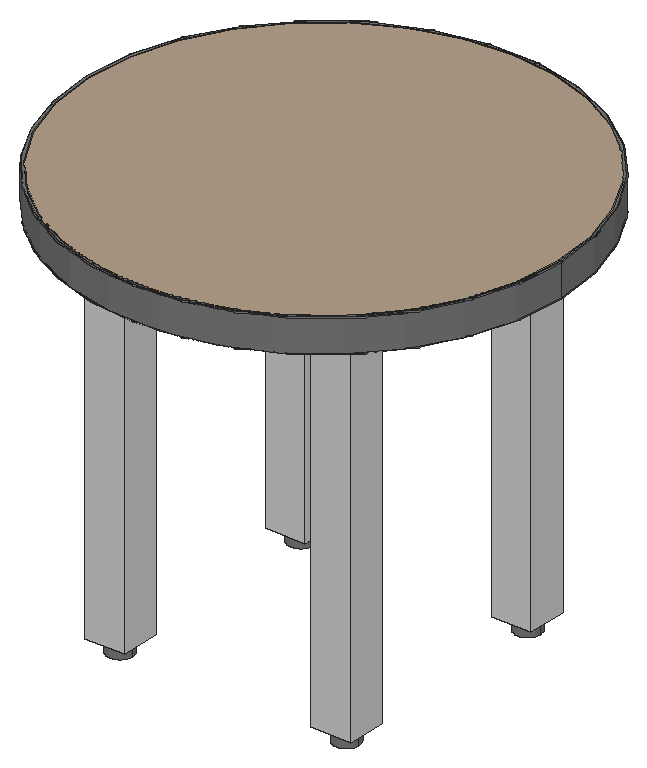
Revit family "SeatingInc-Round_Table", category Furniture, Revit 2014
Parameters (values of type "See Type Catolog")
  URL = "http://www.seatinginc.com"
  Type Comments = "Table Round"  # constant formula
  Table Top = STI - Maple
  Model = "MS18R"
  Manufacturer = "seating inc."  # constant formula
  Leg Offset = if(Diameter = 18", 3 249/256", if(Diameter = 24", 4 209/256", if(Diameter = 30", 5 175/256", if(Diameter = 36", 6 149/256", 7 127/256"))))  # 3 249/256"
  Leg = STI - Metal
  Keynote = "12500"
  Height = 16"
  Half Dia = Diameter / 2  # 9"
  Glide = STI - Black
  Edge Band = STI - Black
  Diameter = 18"
  Description = "Round Table 18\"D 16\"H"
  Assembly Code = "E2020200"
Reference planes (in)
  plane 1 "Center (Front/Back)": y = 0
  plane 2: z = 0
  plane 3 "Center (Left/Right)": x = -3
  plane 4: y = 9
  plane 5: y = -9
  plane 6: x = -12
  plane 7: x = 6
  plane 8: z = 16
  plane 9: y = 8.88189
  plane 10: x = -11.88189
  plane 11: x = 5.88189
  plane 12: y = -8.88189
  plane 13: z = 14.75
Forms (in)
  Sweep 1, solid, material "STI - Black" <- "Edge Band"
    path origin (0, 0, 0) x (1, 0, 0) y (0, 1, 0)
      loop
        circle (-3, 0) r 9
    profile origin (-3, 9, 0) x (0, -1, 0) y (0, 0, 1)
      loop
        arc (0.02097, 16) -> (0.00614, 15.99386) -> (0, 15.97903) r 0.02097
        line (0, 15.97903) -> (0, 14.77111)
        arc (0, 14.77111) -> (0.00618, 14.75618) -> (0.02111, 14.75) r 0.02111
        line (0.02111, 14.75) -> (0.11811, 14.75) -> (0.11811, 16) -> (0.02097, 16)
  Extrusion 2, solid, material "STI - Maple" <- "Table Top"
    sketch origin (-3, 0, 16) x (1, 0, 0) y (0, 1, 0)
      loop
        circle (0, 0) r 8.88189
    from 0 to -1.25
  Sweep 3, solid, material "STI - Metal" <- "Leg"
    path origin (0, 0, 0) x (1, 0, 0) y (0, 0, 1)
      loop
        line (-3, 0.5) -> (-3, 14.75)
    profile origin (-3, 0, 7.625) x (-1, 0, 0) y (0, -1, 0)
      loop
        line (5.02734, -5.02734) -> (5.02734, -3.52734) -> (3.52734, -3.52734) -> (3.52734, -5.02734) -> (5.02734, -5.02734)
      loop
        line (-3.52734, -5.02734) -> (-3.52734, -3.52734) -> (-5.02734, -3.52734) -> (-5.02734, -5.02734) -> (-3.52734, -5.02734)
      loop
        line (5.02734, 5.02734) -> (3.52734, 5.02734) -> (3.52734, 3.52734) -> (5.02734, 3.52734) -> (5.02734, 5.02734)
      loop
        line (-3.52734, 5.02734) -> (-5.02734, 5.02734) -> (-5.02734, 3.52734) -> (-3.52734, 3.52734) -> (-3.52734, 5.02734)
  Sweep 4, solid, material "STI - Black" <- "Glide"
    path origin (0, 0, 0) x (1, 0, 0) y (0, 0, 1)
      loop
        line (-3, 0) -> (-3, 0.5)
    profile origin (-3, 0, 0.25) x (-1, 0, 0) y (0, -1, 0)
      loop
        circle (4.29183, -4.29022) r 0.48034
      loop
        circle (-4.29183, -4.29022) r 0.48034
      loop
        circle (-4.29183, 4.29022) r 0.48034
      loop
        circle (4.29183, 4.29022) r 0.48034
Lines and regions (in)
  symbolic lines, style "Table"
    curve 1: circle (-3, 0, 0) r 9 normal (0, 0, 1)
    curve 2: circle (-3, 0, 0) r 8.88189 normal (0, 0, 1)
  symbolic lines, style "FurnitureHiddenLines", detail levels fine
    curve 3: line (-6.52734, 5.02734, 0) -> (-8.02734, 5.02734, 0)
    curve 4: line (-8.02734, 5.02734, 0) -> (-8.02734, 3.52734, 0)
    curve 5: line (-8.02734, 3.52734, 0) -> (-6.52734, 3.52734, 0)
    curve 6: line (-6.52734, 3.52734, 0) -> (-6.52734, 5.02734, 0)
    curve 7: line (0.52734, 3.52734, 0) -> (2.02734, 3.52734, 0)
    curve 8: line (2.02734, 3.52734, 0) -> (2.02734, 5.02734, 0)
    curve 9: line (2.02734, 5.02734, 0) -> (0.52734, 5.02734, 0)
    curve 10: line (0.52734, 5.02734, 0) -> (0.52734, 3.52734, 0)
    curve 11: line (2.02734, -3.52734, 0) -> (0.52734, -3.52734, 0)
    curve 12: line (0.52734, -3.52734, 0) -> (0.52734, -5.02734, 0)
    curve 13: line (0.52734, -5.02734, 0) -> (2.02734, -5.02734, 0)
    curve 14: line (2.02734, -5.02734, 0) -> (2.02734, -3.52734, 0)
    curve 15: line (-6.52734, -3.52734, 0) -> (-8.02734, -3.52734, 0)
    curve 16: line (-8.02734, -3.52734, 0) -> (-8.02734, -5.02734, 0)
    curve 17: line (-8.02734, -5.02734, 0) -> (-6.52734, -5.02734, 0)
    curve 18: line (-6.52734, -5.02734, 0) -> (-6.52734, -3.52734, 0)
    curve 19: arc (-7.77217, 4.29022, 0) -> (-7.29183, 3.80988, 0) -> (-6.81149, 4.29022, 0) r 0.48034
    curve 20: arc (-6.81149, 4.29022, 0) -> (-7.29183, 4.77056, 0) -> (-7.77217, 4.29022, 0) r 0.48034
    curve 21: arc (1.77217, 4.29022, 0) -> (1.29183, 4.77056, 0) -> (0.81149, 4.29022, 0) r 0.48034
    curve 22: arc (0.81149, 4.29022, 0) -> (1.29183, 3.80988, 0) -> (1.77217, 4.29022, 0) r 0.48034
    curve 23: arc (0.81149, -4.29022, 0) -> (1.29183, -4.77056, 0) -> (1.77217, -4.29022, 0) r 0.48034
    curve 24: arc (1.77217, -4.29022, 0) -> (1.29183, -3.80988, 0) -> (0.81149, -4.29022, 0) r 0.48034
    curve 25: arc (-6.81149, -4.29022, 0) -> (-7.29183, -3.80988, 0) -> (-7.77217, -4.29022, 0) r 0.48034
    curve 26: arc (-7.77217, -4.29022, 0) -> (-7.29183, -4.77056, 0) -> (-6.81149, -4.29022, 0) r 0.48034
Dimensions and locks (in)
  equal spacing: plane 6, plane 3 "Center (Left/Right)", plane 7
  equal spacing: plane 4, plane 1 "Center (Front/Back)", plane 5
  "Diameter": plane 4 to plane 5
  "Diameter": plane 6 to plane 7
  "Height": plane 8 to plane 2
  locked: plane 4 to plane 9 at 0.11811
  locked: plane 12 to plane 5 at 0.11811
  plane 6 to plane 10 = 0.11811"
  locked: plane 11 to plane 7 at 0.11811
  locked: plane 8 to Sweep 1 sketch curve at 1.25
  locked: plane 8 to plane 13 at 1.25
  locked: Sweep 3 sketch curve to Sweep 3 sketch curve at 1.5  (x8)
  "Leg Offset": plane 6 to Sweep 3 sketch curve  (x2)
  "Leg Offset": plane 4 to Sweep 3 sketch curve  (x2)
  "Leg Offset": Sweep 3 sketch curve to plane 7  (x2)
  "Leg Offset": Sweep 3 sketch curve to plane 5
  "Leg Offset": plane 5 to Sweep 3 sketch curve
  locked: Sweep 3 to Sweep 4 sketch curve at 0.73552  (x2)
  locked: Sweep 3 to Sweep 4 sketch curve at 0.73712  (x3)
  locked: Sweep 4 sketch curve to Sweep 3 at 0.73552  (x2)
  locked: Sweep 3 to Sweep 4 sketch curve at 0.76288
  "Half Dia": radius of Sweep 1 sketch curve
  aligned and locked: plane 2 to level
  aligned and locked: Sweep 1 sketch curve to plane 8
  aligned and locked: Extrusion 2 sketch curve to Sweep 1
  aligned and locked: Extrusion 2 to Sweep 1  (x2)
  aligned and locked: plane 13 to Sweep 3 sketch curve
  aligned and locked: plane 3 "Center (Left/Right)" to Sweep 3 sketch curve
  aligned and locked: plane 3 "Center (Left/Right)" to Sweep 4 sketch curve
  aligned and locked: curve 1 to Sweep 1
  aligned and locked: curve 2 to Extrusion 2
  aligned and locked: curve 3 to Sweep 3
  aligned and locked: curve 4 to Sweep 3
  aligned and locked: curve 5 to Sweep 3
  aligned and locked: curve 6 to Sweep 3
  aligned and locked: curve 7 to Sweep 3
  aligned and locked: curve 8 to Sweep 3
  aligned and locked: curve 9 to Sweep 3
  aligned and locked: curve 10 to Sweep 3
  aligned and locked: curve 11 to Sweep 3
  aligned and locked: curve 12 to Sweep 3
  aligned and locked: curve 13 to Sweep 3
  aligned and locked: curve 14 to Sweep 3
  aligned and locked: curve 15 to Sweep 3
  aligned and locked: curve 16 to Sweep 3
  aligned and locked: curve 17 to Sweep 3
  aligned and locked: curve 18 to Sweep 3
  aligned and locked: curve 20 to Sweep 4
  aligned and locked: curve 21 to Sweep 4
  aligned and locked: curve 22 to Sweep 4
  aligned and locked: curve 23 to Sweep 4
  aligned and locked: curve 24 to Sweep 4
  aligned and locked: curve 25 to Sweep 4
  aligned and locked: curve 26 to Sweep 4
Automatic sketch dimensions
  level to Sweep 3 sketch curve = 1/2"
  Sweep 4 sketch curve to level = 0"
  Sweep 4 sketch curve to Sweep 4 sketch curve = 1/2"
  Sweep 1 sketch curve to profile plane = 0"
  Sweep 1 sketch curve to Sweep 1 sketch curve = 0.02097"
  Sweep 1 sketch curve to profile plane = 0.02111"
  Sweep 1 sketch curve to Sweep 1 sketch curve = 0.09714"
  plane 1 "Center (Front/Back)" to Sweep 1 sketch curve = 0"
  Sweep 1 sketch curve to plane 3 "Center (Left/Right)" = 0"
  radius of Sweep 4 sketch curve = 0.48034"  (x4)
Types in the file's own list only (10): name | Model | Leg Offset | Height | Half Dia | Diameter | Description
  Round-Table MS18R | "MS18R" | 3 249/256" | 16" | 9" | 18" | "Round Table 18\"D 16\"H"
  Round-Table MS24R | "MS24R" | 4 209/256" | 16" | 12" | 24" | "Round Table 24\"D 16\"H"
  Round-Table MS30R | "MS30R" | 5 175/256" | 16" | 15" | 30" | "Round Table 30\"D 16\"H"
  Round-Table MS36R | "MS36R" | 6 149/256" | 16" | 18" | 36" | "Round Table 36\"D 16\"H"
  Round-Table MS42R | "MS42R" | 7 127/256" | 16" | 21" | 42" | "Round Table 42\"D 16\"H"
  Round-Table Tall MT18R | "MT18R" | 3 249/256" | 21" | 9" | 18" | "Round-Table Tall 18\"D 21\"H"
  Round-Table Tall MT24R | "MT24R" | 4 209/256" | 21" | 12" | 24" | "Round-Table Tall 24\"D 21\"H"
  Round-Table Tall MT30R | "MT30R" | 5 175/256" | 21" | 15" | 30" | "Round-Table Tall 30\"D 21\"H"
  Round-Table Tall MT36R | "MT36R" | 6 149/256" | 21" | 18" | 36" | "Round-Table Tall 36\"D 21\"H"
  Round-Table Tall MT42R | "MT42R" | 7 127/256" | 21" | 21" | 42" | "Round-Table Tall 42\"D 21\"H"
